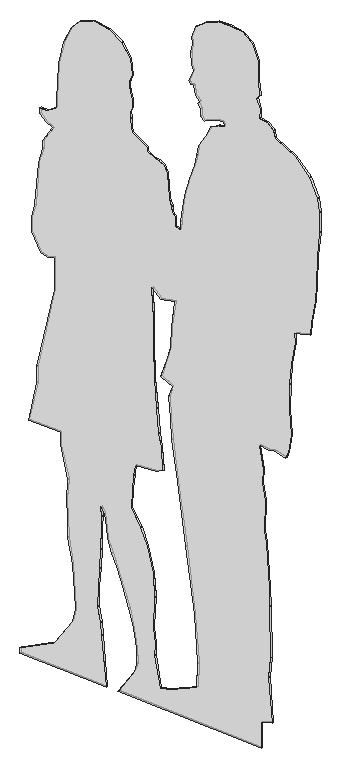
Revit family "Flat Couple 05", category Entourage, Revit 2015
Parameters
  Linework [instance] = yes
  Height = 0 mm
  Flat Material [instance] = none
Reference planes
  plane 1 "Center (Front/Back)": y = 0
  plane 2: z = 0
  plane 3 "Center (Left/Right)": x = 0
  plane 4: z = 1600
Forms (mm)
  Extrusion 1, solid, material <- "Flat Material"
    sketch origin (0, 0, 0) x (1, 0, 0) y (0, 0, 1)
      loop
        line (-155.68, 0) -> (-167.493, 124.13) -> (-171.44, 155.267) -> (-178.872, 191.98) -> (-177.474, 239.381) -> (-174.216, 287.943) -> (-170.958, 336.505) -> (-169.327, 391.806) -> (-167.93, 418.527) -> (-170.251, 442.925) -> (-160.958, 428.053) -> (-155.849, 395.058) -> (-152.367, 368.801) -> (-140.519, 337.432) -> (-124.49, 303.506) -> (-111.017, 265.398) -> (-93.595, 216.834) -> (-80.355, 170.826) -> (-71.994, 124.354) -> (-71.75, 88.819) -> (-77.99, 65.532) -> (-123.876, 0) -> (273.516, 0) -> (273.516, 63.676) -> (304.187, 72.503) -> (294.671, 182.873) -> (299.788, 232.597) -> (297.476, 360.394) -> (296.318, 403.613) -> (287.964, 512.124) -> (282.158, 542.099) -> (284.953, 616.22) -> (275.895, 659.672) -> (278.686, 692.434) -> (267.538, 747.504) -> (294.26, 746.107) -> (310.757, 748.662) -> (340.963, 741.688) -> (348.168, 759.114) -> (356.769, 803.262) -> (350.733, 866.696) -> (352.598, 929.896) -> (356.553, 981.479) -> (367.944, 1037.709) -> (366.784, 1060.248) -> (382.12, 1064.661) -> (409.075, 1071.165) -> (411.866, 1103.927) -> (423.257, 1160.156) -> (426.281, 1200.818) -> (428.379, 1271.92) -> (435.123, 1335.585) -> (435.36, 1384.844) -> (430.251, 1417.84) -> (407.252, 1462.919) -> (368.22, 1500.565) -> (312.861, 1526.35) -> (308.043, 1543.092) -> (290.85, 1558.196) -> (269.377, 1560.703) -> (270.869, 1581.899) -> (260.648, 1606.53) -> (268.782, 1614.197) -> (265.765, 1656.254) -> (264.607, 1699.472) -> (248.114, 1738.277) -> (220.697, 1757.333) -> (186.773, 1761.984) -> (154.475, 1759.896) -> (119.388, 1745.725) -> (90.807, 1725.28) -> (78.953, 1694.61) -> (82.205, 1681.133) -> (77.788, 1655.109) -> (79.412, 1627.691) -> (85.684, 1613.517) -> (72.669, 1584.705) -> (77.315, 1577.269) -> (87.074, 1578.199) -> (91.255, 1554.962) -> (103.104, 1544.273) -> (97.991, 1535.908) -> (105.659, 1527.775) -> (105.657, 1507.095) -> (116.344, 1498.264) -> (151.432, 1512.435) -> (167.929, 1514.989) -> (170.716, 1506.392) -> (155.381, 1501.979) -> (133.771, 1491.06) -> (117.735, 1462.946) -> (99.841, 1433.671) -> (95.424, 1407.647) -> (87.288, 1379.3) -> (74.04, 1342.589) -> (59.863, 1294.957) -> (54.05, 1262.892) -> (50.562, 1227.11) -> (49.686, 1206.304) -> (35.07, 1209.679) -> (35.07, 1234.679) -> (26.63, 1240.589) -> (25.238, 1255.228) -> (18.501, 1274.281) -> (15.716, 1303.558) -> (12.93, 1332.836) -> (4.334, 1350.728) -> (-10.072, 1357.235) -> (-25.174, 1360.722) -> (-42.6, 1367.927) -> (-41.67, 1378.848) -> (-84.189, 1401.391) -> (-86.279, 1413.009) -> (-87.439, 1435.547) -> (-88.646, 1452.37) -> (-83.022, 1461.571) -> (-83.02, 1482.251) -> (-88.595, 1499.445) -> (-92.311, 1517.802) -> (-90.219, 1526.864) -> (-83.711, 1541.269) -> (-88.587, 1582.165) -> (-113.214, 1613.303) -> (-146.672, 1633.754) -> (-189.657, 1640.496) -> (-229.624, 1625.861) -> (-252.862, 1601.001) -> (-273.545, 1559.643) -> (-288.654, 1501.091) -> (-293.966, 1408.226) -> (-293.966, 1388.226) -> (-319.946, 1373.226) -> (-339.946, 1373.226) -> (-339.946, 1358.818) -> (-322.269, 1341.141) -> (-303.184, 1335.16) -> (-331.863, 1294.203) -> (-331.863, 1274.203) -> (-343.824, 1236.033) -> (-353.411, 1126.451) -> (-363.877, 1093.053) -> (-363.877, 1058.053) -> (-338.889, 1014.772) -> (-319.604, 1008.729) -> (-299.806, 1015.147) -> (-299.806, 935.811) -> (-347.715, 728.295) -> (-347.715, 688.333) -> (-371.335, 586.024) -> (-283.038, 586.024) -> (-283.038, 556.024) -> (-262.261, 478.484) -> (-266.216, 426.901) -> (-263.897, 381.824) -> (-262.275, 333.726) -> (-250.437, 270.924) -> (-241.095, 164.139) -> (-250.153, 130.332) -> (-299.838, 59.375) -> (-395, 15) -> (-395, 0) -> (-155.68, 0)
      loop
        line (25, 58.868) -> (95.416, 88.091) -> (97.165, 147.342) -> (87.881, 265.612) -> (64.66, 426.87) -> (41.207, 580.228) -> (25.881, 679.214) -> (21.238, 728.009) -> (17.99, 782.846) -> (27.287, 809.334) -> (-4.545, 823.046) -> (10.795, 868.819) -> (22.184, 904.368) -> (24.28, 954.79) -> (34.227, 1023.506) -> (-4.992, 1014.043) -> (-29.286, 1036.753) -> (-26.141, 956.886) -> (-26.147, 894.846) -> (-23.134, 811.429) -> (-15.473, 741.257) -> (-10.599, 679.682) -> (-3.631, 647.848) -> (0.777, 591.153) -> (-17.93, 582.479) -> (-75.669, 576.986) -> (-80.087, 550.963) -> (-83.575, 515.18) -> (-85.748, 469.018) -> (-60.582, 428.746) -> (-42.589, 389.089) -> (-24.788, 327.229) -> (-20.862, 270.037) -> (-25.516, 194.754) -> (-20.64, 153.858) -> (-20.876, 125.278) -> (-5.628, 49.962) -> (25, 58.868)
    from -2.5 to 2.5
Lines and regions (mm)
  model lines
    curve 1: line (0, 150, 0) -> (0, -150, 0)
    curve 2: line (-150, 0, 0) -> (150, 0, 0)
Dimensions and locks
  aligned and locked: level to plane 2
